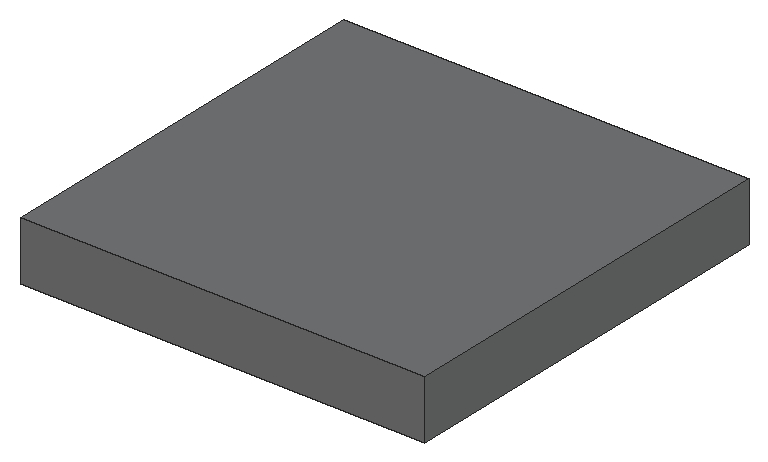
Revit family "Gira_028427", category Electrical Fixtures, host Face, Revit 2017
Family settings
  Host = Face
  Maintain Annotation Orientation = No
  Round Connector Dimension = Use Diameter
  Part Type = Normal
  Cut with Voids When Loaded = No
  Shared = No
  Room Calculation Point = No
Parameters (values of type "Abd. BSF UAE/IAE + Netzwerk System 55 Reinweiß m")
  Zusammenstellung = "Zentralplatte"
  Werkstoffgüte = "sonstige"
  Werkstoff = "Kunststoff"
  Verwendung = "UAE/IAE"
  URL = "http://katalog.gira.de/de_DE/datenblatt.html?artikelnr=028427"
  Transparent = "No"
  Tragring = "No"
  Region = "DE"
  RAL-Nummer (ähnlich) = "9010 "
  Oberfläche = "sonstige"
  Name = "Abd. BSF UAE/IAE + Netzwerk System 55 Reinweiß m"
  Montageart = "unter Putz"
  Mit Zugentlastung = "No"
  Mit Staubschutz = "No"
  Mit Klappdeckel = "No"
  Mit Aufdruck = "No"
  Manufacturer URL = "https://www.gira.de/"
  Lüsterklemme = "No"
  Keynote = "Sys55_Abdeckung_Schalten und Tasten"
  HeinzeBIM = "https://bimportal.heinze.de/bim/abd-bsf-uae-iae-netzwerk-system-55-reinweiss-m/0d4b34a9db55910cd8b777f107bd9a08464584c5"
  Halogenfrei = "Yes"
  HAN = "028427"
  Geeignet für Schutzart (IP) = "IP20"
  GTIN = "4010337284277"
  Farbe = "weiß"
  Default Elevation = 1219.2 mm
  Data sheet (1) = "https://katalog.gira.de/de_DE/download.html?artikelnr=028427"
  Category = "Einsatz/Abdeckung für Kommunikationstechnik"
  Beschriftungsfeld = "mit Beschriftungsfeld"
  Befestigungsart = "Befestigung mit Schraube"
  Available = "Yes"
  Ausführung der Oberfläche = "matt"
  Anthrazit [instance] = Anthrazit
Reference planes
  plane 1 "Center (Front/Back)": y = 0
  plane 2: z = 0
  plane 3 "Center (Left/Right)": x = 0
Forms (mm)
  Extrusion 1, solid, material "Anthrazit" <- "Anthrazit", detail levels fine
    sketch origin (0, 0, 0) x (1, 0, 0) y (0, 1, 0)
      loop
        line (-27.5, 27.5) -> (-27.5, -27.5) -> (27.5, -27.5) -> (27.5, 27.5) -> (-27.5, 27.5)
    from 0 to 8
  Extrusion 2, void
    sketch origin (0, 0, 0) x (1, 0, 0) y (0, 1, 0)
      loop
        line (26, 26) -> (-26, 26) -> (-26, -26) -> (26, -26) -> (26, 26)
    from 0 to 6
  Extrusion 3, solid, material "Anthrazit" <- "Anthrazit", detail levels medium
    sketch origin (0, 0, 0) x (1, 0, 0) y (0, 1, 0)
      loop
        line (-27.5, 27.5) -> (-27.5, -27.5) -> (27.5, -27.5) -> (27.5, 27.5) -> (-27.5, 27.5)
    from 0 to 8
  Extrusion 4, solid, material "Anthrazit" <- "Anthrazit", detail levels medium
    sketch origin (0, 0, 0) x (1, 0, 0) y (0, 1, 0)
      loop
        line (11, -17.5) -> (11, 17.5) -> (-11, 17.5) -> (-11, -17.5) -> (11, -17.5)
    from -6 to 6
  Extrusion 5, solid, material "Anthrazit" <- "Anthrazit", detail levels fine
    sketch origin (0, 0, 0) x (1, 0, 0) y (0, 1, 0)
      loop
        line (11, 17.5) -> (-11, 17.5) -> (-11, 16.5) -> (11, 16.5) -> (11, 17.5)
      loop
        line (-11, -16.5) -> (-11, -17.5) -> (11, -17.5) -> (11, -16.5) -> (-11, -16.5)
    from -4 to 6
  Extrusion 6, solid, material "Anthrazit" <- "Anthrazit", detail levels fine
    sketch origin (0, 0, 0) x (1, 0, 0) y (0, 1, 0)
      loop
        arc (5, 9.347) -> (0, 10.6) -> (-5, 9.347) r 10.6
        line (-5, 9.347) -> (-5, -9.347)
        arc (-5, -9.347) -> (0, -10.6) -> (5, -9.347) r 10.6
        line (5, -9.347) -> (5, 9.347)
    from -6 to 6
  Extrusion 7, solid, material "Anthrazit" <- "Anthrazit", detail levels coarse
    sketch origin (0, 0, 0) x (1, 0, 0) y (0, 1, 0)
      loop
        line (-27.5, 27.5) -> (-27.5, -27.5) -> (27.5, -27.5) -> (27.5, 27.5) -> (-27.5, 27.5)
    from -6 to 8
Cuts and joins
  Extrusion 2 cuts Extrusion 1
Dimensions and locks
  aligned and locked: plane 2 to host face
  aligned and locked: level to host face
